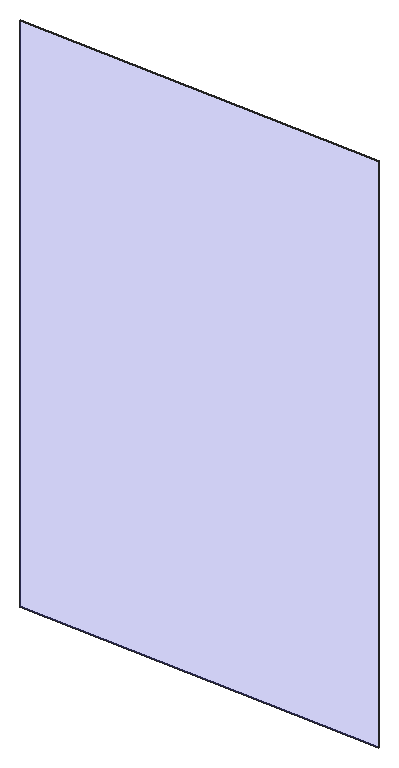
Revit family "Panel-Infill", category Curtain Panels, Revit 2017
Family settings
  OmniClass Number = 23.25.20.14.11.11.17
  OmniClass Title = Infill Panels
  Always vertical = Yes
  Cut with Voids When Loaded = No
  Shared = No
Parameters
  MTC Width Report [instance] = 5' - 5.50212"
  MTC Thickness = 0' - 0 1/4"
  MTC Offset = 0' - 2 1/2"
  MTC Material = Glass
  MTC Height Report [instance] = 8' - 0"
  MTC Depth = 0' - 5"
  Glazing Inset From Interior If Not Centered = 0' - 1"
  Description = "?GL-X: DESCRIPTION?"
  Glazing Inset Control = if(Center Glazing, MTC Depth / 2, Glazing Inset From Interior If Not Centered)  # 0' - 2 1/2"
  Construction Type = ""
  Center Glazing = yes
  Assembly Code = "B2020220"
Reference planes (in)
  plane 1 "Front": y = 0
  plane 2: z = 0
  plane 3 "Center (Left/Right)": x = 0
  plane 4 "Left": x = -32.75106
  plane 5 "Right": x = 32.75106
  plane 6 "Top": z = 96
  plane 7 "Glazing Centerline": y = 0
  plane 8: y = 2.5
  plane 9: y = -2.5
  plane 10: y = 0.125
  plane 11: y = -0.125
Forms (in)
  Extrusion 1, solid, material "Glass" <- "MTC Material"
    sketch origin (0, 0, 0) x (1, 0, 0) y (0, 1, 0)
      loop
        line (-32.75106, 0.125) -> (-32.75106, -0.125) -> (32.75106, -0.125) -> (32.75106, 0.125) -> (-32.75106, 0.125)
    from 0 to 96
Lines and regions (in)
  symbolic lines, style "Glass"
    curve 1: line (-32.75106, 0, 0) -> (32.75106, 0, 0)
Text (in)
  text "Exterior" at (-54.29358, 31.38743, 0), in view "Ref. Level"
  text "Exterior" at (480, 41.53993, 89.60405), in view "Right"
  text "Exterior" at (-240, 57.82419, 105.78864), in view "Left"
Dimensions and locks (in)
  equal spacing: plane 4 "Left", plane 3 "Center (Left/Right)", plane 5 "Right"
  "MTC Width Report": plane 4 "Left" to plane 5 "Right"
  "MTC Height Report": plane 2 to plane 6 "Top"
  "MTC Depth": plane 8 to plane 9
  "Glazing Inset Control": plane 7 "Glazing Centerline" to plane 9
  "MTC Offset": plane 1 "Front" to plane 8
  equal spacing: plane 10, plane 7 "Glazing Centerline", plane 11
  "MTC Thickness": plane 10 to plane 11
  aligned and locked: level to plane 2
  aligned and locked: Extrusion 1 to plane 6 "Top"
Automatic sketch dimensions
  curve 1 to plane 4 "Left" = 0' - 0"
  curve 1 to plane 5 "Right" = 0' - 0"
  curve 1 to plane 7 "Glazing Centerline" = 0' - 0"
  Extrusion 1 sketch curve to plane 4 "Left" = 0' - 0"
  Extrusion 1 sketch curve to plane 5 "Right" = 0' - 0"
  Extrusion 1 sketch curve to plane 11 = 0' - 0"
  Extrusion 1 sketch curve to plane 10 = 0' - 0"
